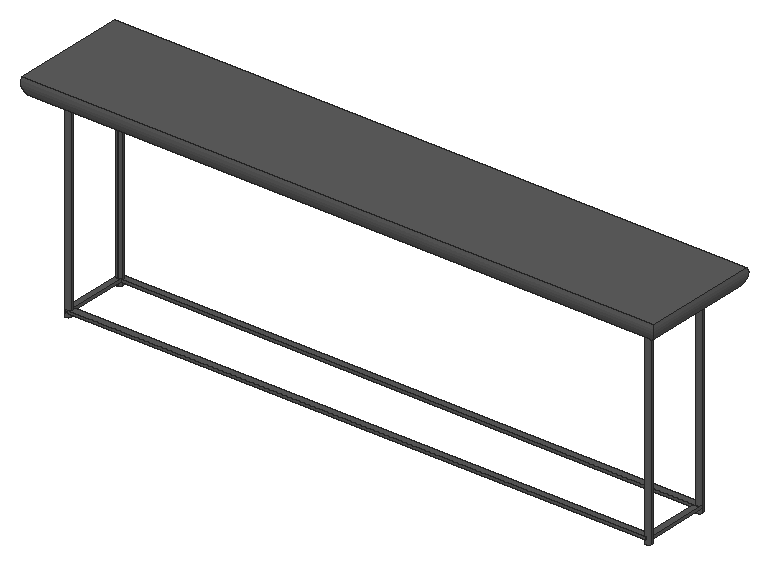
Revit family "Haworth_Torei_Table_Rectangle", category Furniture, Revit 2018
Family settings
  OmniClass Number = 23.40.20.00
  OmniClass Title = General Furniture and Specialties
  Work Plane-Based = No
  Always vertical = Yes
  Cut with Voids When Loaded = No
  Shared = No
  Room Calculation Point = No
Parameters (values of type "HCCS-xxxx-TAW - 9d 47w 16h")
  Warranty = "http://www.haworth.com/resources/product-info/warranties"
  Version = "3"  # constant formula
  URL - Product = "https://www.haworth.com/na/en/products/side-occasional/torei.html"
  URL = "http://www.haworth.com/our-brands/haworth-collection"
  Table Finish [instance] = Haworth _ Wood _ Torei _ Ash Black
  Standard Depth = "8.7 Inches"  # constant formula
  Standard Heights = "12.2, 16.1 Inches"  # constant formula
  Standard Widths = "31.5, 47.2 Inches"  # constant formula
  Model = "HCCS-xxxx-TAW"  # constant formula
  Manufacturer = "Haworth"  # constant formula
  Description = "Haworth Torei Table Rectangle - 9d 47w 16h"
  Base Finish = Haworth _ Paint _ Collection Black
  Author = "SHAPE Environments, LLC"  # constant formula
  Assembly Code = "E2020200"
  Actual Width = if([47.2in Width], 47.2", 31.5")  # 47.2"
  Actual Height = if([16.1in Height], 16.1", 12.2")  # 16.1"
  Actual Depth = 8.69922"  # constant formula
  31.5in Width = no
  47.2in Width = not([31.5in Width])  # yes
  16.1in Height = not([12.2in Height])  # yes
  12.2in Height = no
Types (5): name | Description | Actual Width | Actual Height | 31.5in Width | 47.2in Width | 16.1in Height | 12.2in Height
  (no name) | "Haworth Torei Table Rectangle - 9d 47w 16h" | 47.2" | 16.1" | no | yes | yes | no
  HCCS-xxxx-TAW - 9d 32w 12h | "Haworth Torei Table Rectangle - 9d 32w 12h" | 31.5" | 12.2" | yes | no | no | yes
  HCCS-xxxx-TAW - 9d 32w 16h | "Haworth Torei Table Rectangle - 9d 16h 32w" | 31.5" | 16.1" | yes | no | yes | no
  HCCS-xxxx-TAW - 9d 47w 12h | "Haworth Torei Table Rectangle - 9d 47w 12h" | 47.2" | 12.2" | no | yes | no | yes
  HCCS-xxxx-TAW - 9d 47w 16h | "Haworth Torei Table Rectangle - 9d 47w 16h" | 47.2" | 16.1" | no | yes | yes | no
Reference planes (in)
  plane 1 "Center Front/Back": y = 0
  plane 2: z = 0
  plane 3 "Center Left/Right": x = 0
  plane 4: y = 4.34961
  plane 5: x = 23.6
  plane 6: y = -4.34961
  plane 7: x = -23.6
  plane 8 "Top of Table": z = 16.1
  plane 9 "Center of Leg4": x = 21.632
  plane 10 "Center of Leg2": x = -21.632
  plane 11 "Center of Leg3": y = -2.38191
  plane 12 "Center of Leg": y = 2.38191
  plane 13 "bottom of horiz. leg": z = 0.3937
  plane 14 "Bottom of Table": z = 14.5252
  plane 15: z = 0.4937
  plane 16: z = 0.2937
  plane 17: y = -2.62191
  plane 18: y = -2.14191
  plane 19: y = 2.62191
  plane 20: y = 2.14191
  plane 21: x = -21.872
  plane 22: x = -21.392
  plane 23: x = 21.872
  plane 24: x = 21.392
Forms (in)
  Extrusion 1, solid, material "Haworth _ Paint _ Collection Black" <- "Base Finish"
    sketch origin (0, 0, 0) x (1, 0, 0) y (0, 1, 0)
      loop
        circle (-21.632, 2.38191) r 0.2362
    from 0 to 14.5252
  Extrusion 2, solid, material "Haworth _ Paint _ Collection Black" <- "Base Finish"
    sketch origin (0.0183, 0, 0) x (1, 0, 0) y (0, 0, 1)
      loop
        line (-21.4103, 0.2937) -> (-21.4103, 0.4937) -> (-21.8903, 0.4937) -> (-21.8903, 0.2937) -> (-21.4103, 0.2937)
    from -2.38191 to 2.38191
  Extrusion 3, solid, material "Haworth _ Paint _ Collection Black" <- "Base Finish"
    sketch origin (0, 0, 0) x (1, 0, 0) y (0, 0, 1)
      loop
        line (21.872, 0.2937) -> (21.872, 0.4937) -> (21.392, 0.4937) -> (21.392, 0.2937) -> (21.872, 0.2937)
    from -2.38191 to 2.38191
  Extrusion 4, solid, material "Haworth _ Paint _ Collection Black" <- "Base Finish"
    sketch origin (0, 0, 0) x (0, 1, 0) y (0, 0, 1)
      loop
        line (2.62191, 0.2937) -> (2.62191, 0.4937) -> (2.14191, 0.4937) -> (2.14191, 0.2937) -> (2.62191, 0.2937)
    from -21.632 to 21.632
  Extrusion 5, solid, material "Haworth _ Paint _ Collection Black" <- "Base Finish"
    sketch origin (0, 0, 0) x (0, 1, 0) y (0, 0, 1)
      loop
        line (-2.14191, 0.2937) -> (-2.14191, 0.4937) -> (-2.62191, 0.4937) -> (-2.62191, 0.2937) -> (-2.14191, 0.2937)
    from -21.632 to 21.632
  Extrusion 6, solid, material "Haworth _ Wood _ Torei _ Ash Black" <- "Table Finish"
    sketch origin (0, 0, 0) x (1, 0, 0) y (0, 1, 0)
      loop
        line (-21.632, 2.38191) -> (-21.632, -2.38191) -> (21.632, -2.38191) -> (21.632, 2.38191) -> (-21.632, 2.38191)
    from 14.5252 to 16.1
  Sweep 7, solid, material "Haworth _ Wood _ Torei _ Ash Black" <- "Table Finish"
    path origin (0, 0, 16.1) x (-1, 0, 0) y (0, -1, 0)
      loop
        line (21.632, -2.38191) -> (21.632, 2.38191) -> (-21.632, 2.38191) -> (-21.632, -2.38191) -> (21.632, -2.38191)
    profile origin (0, 2.38191, 16.1) x (0, 1, 0) y (0, 0, 1)
      loop
        line (0, 0) -> (0, -1.5748) -> (0.7794, -1.5748)
        arc (0.7794, -1.5748) -> (1.7659, -1.08342) -> (1.968, 0) r 1.23596
        line (1.968, 0) -> (0, 0)
  Extrusion 8, solid, material "Haworth _ Paint _ Collection Black" <- "Base Finish"
    sketch origin (0, 0, 0) x (1, 0, 0) y (0, 1, 0)
      loop
        circle (-21.632, 2.38191) r 0.24
    from 0 to 14.5252
  Extrusion 9, solid, material "Haworth _ Paint _ Collection Black" <- "Base Finish"
    sketch origin (0, 0, 0) x (1, 0, 0) y (0, 1, 0)
      loop
        circle (-21.632, -2.38191) r 0.24
    from 0 to 14.5252
  Extrusion 10, solid, material "Haworth _ Paint _ Collection Black" <- "Base Finish"
    sketch origin (0, 0, 0) x (1, 0, 0) y (0, 1, 0)
      loop
        circle (21.632, -2.38191) r 0.24
    from 0 to 14.5252
  Extrusion 11, solid, material "Haworth _ Paint _ Collection Black" <- "Base Finish"
    sketch origin (0, 0, 0) x (1, 0, 0) y (0, 1, 0)
      loop
        circle (21.632, 2.38191) r 0.24
    from 0 to 14.5252
Cuts and joins
  joined: Extrusion 1, Extrusion 9
  joined: Extrusion 6, Sweep 7
Lines and regions (in)
  Masking region 1
    outline origin (0, 0, 16.1) x (-1, 0, 0) y (0, -1, 0)
      loop
        line (23.6, -4.34961) -> (23.6, 4.34961) -> (-23.6, 4.34961) -> (-23.6, -4.34961) -> (23.6, -4.34961)
Dimensions and locks (in)
  "Actual Width": plane 7 to plane 5
  "Actual Depth": plane 4 to plane 6
  equal spacing: plane 7, plane 3 "Center Left/Right", plane 5
  equal spacing: plane 4, plane 1 "Center Front/Back", plane 6
  locked: plane 7 to plane 10 "Center of Leg2" at 1.968
  locked: plane 9 "Center of Leg4" to plane 5 at 1.968
  locked: plane 4 to plane 12 "Center of Leg" at 1.9677
  locked: plane 11 "Center of Leg3" to plane 6 at 1.9677
  plane 13 "bottom of horiz. leg" to level = 0.3937"
  locked: plane 8 "Top of Table" to plane 14 "Bottom of Table" at 1.5748
  locked: plane 13 "bottom of horiz. leg" to plane 2 at 0.3937
  "Actual Height": plane 8 "Top of Table" to level
  locked: plane 15 to plane 13 "bottom of horiz. leg" at 0.1
  locked: plane 13 "bottom of horiz. leg" to plane 16 at 0.1
  locked: plane 17 to plane 11 "Center of Leg3" at 0.24
  locked: plane 11 "Center of Leg3" to plane 18 at 0.24
  locked: plane 20 to plane 12 "Center of Leg" at 0.24
  locked: plane 12 "Center of Leg" to plane 19 at 0.24
  locked: plane 10 "Center of Leg2" to plane 21 at 0.24
  locked: plane 22 to plane 10 "Center of Leg2" at 0.24
  locked: plane 9 "Center of Leg4" to plane 24 at 0.24
  locked: plane 23 to plane 9 "Center of Leg4" at 0.24
  aligned and locked: level to plane 2
  aligned and locked: plane 8 "Top of Table" to Extrusion 6
  aligned and locked: Extrusion 6 to plane 14 "Bottom of Table"
  aligned and locked: Extrusion 6 to plane 11 "Center of Leg3"
  aligned and locked: plane 12 "Center of Leg" to Extrusion 6
  aligned and locked: plane 8 "Top of Table" to Sweep 7 sketch curve
  aligned and locked: plane 14 "Bottom of Table" to Sweep 7 sketch curve
  aligned and locked: plane 14 "Bottom of Table" to cut or joined group of Extrusion 1, Extrusion 9
  aligned and locked: Masking region 1 sketch curve to plane 6
  aligned and locked: Masking region 1 sketch curve to plane 5
  aligned and locked: Masking region 1 sketch curve to plane 4
  aligned and locked: Masking region 1 sketch curve to plane 7
  aligned and locked: Extrusion 3 to plane 12 "Center of Leg"
  aligned and locked: plane 11 "Center of Leg3" to Extrusion 3
  aligned and locked: plane 9 "Center of Leg4" to Extrusion 5
  aligned and locked: Extrusion 5 to plane 10 "Center of Leg2"
  aligned and locked: Extrusion 2 to plane 11 "Center of Leg3"
  aligned and locked: plane 9 "Center of Leg4" to Extrusion 4
  aligned and locked: Extrusion 4 to plane 10 "Center of Leg2"
  aligned and locked: plane 12 "Center of Leg" to Extrusion 2
  aligned and locked: cut or joined group of Extrusion 1, Extrusion 9 to level
  aligned and locked: plane 16 to Extrusion 5
  aligned and locked: plane 16 to Extrusion 4
  aligned and locked: plane 15 to Extrusion 4
  aligned and locked: plane 15 to Extrusion 5
  aligned and locked: plane 16 to Extrusion 3
  aligned and locked: plane 15 to Extrusion 3
  aligned and locked: Extrusion 5 to plane 17
  aligned and locked: Extrusion 5 to plane 18
  aligned and locked: Extrusion 4 to plane 19
  aligned and locked: Extrusion 4 to plane 20
  aligned and locked: Extrusion 3 to plane 23
  aligned and locked: Extrusion 3 to plane 24
  aligned and locked: plane 21 to Extrusion 8 sketch curve
  aligned and locked: plane 12 "Center of Leg" to Extrusion 8 sketch curve  (x2)
  aligned and locked: plane 22 to Extrusion 8 sketch curve
  aligned and locked: plane 14 "Bottom of Table" to Extrusion 8
  aligned and locked: Extrusion 8 to level
  aligned and locked: plane 21 to Extrusion 9 sketch curve
  aligned and locked: plane 11 "Center of Leg3" to Extrusion 9 sketch curve  (x2)
  aligned and locked: plane 22 to Extrusion 9 sketch curve
  aligned and locked: plane 14 "Bottom of Table" to Extrusion 9
  aligned and locked: Extrusion 9 to level
  aligned and locked: plane 23 to Extrusion 10 sketch curve
  aligned and locked: Extrusion 10 sketch curve to plane 11 "Center of Leg3"  (x2)
  aligned and locked: plane 24 to Extrusion 10 sketch curve
  aligned and locked: Extrusion 10 to level
  aligned and locked: plane 14 "Bottom of Table" to Extrusion 10
  aligned and locked: plane 23 to Extrusion 11 sketch curve
  aligned and locked: Extrusion 11 sketch curve to plane 12 "Center of Leg"  (x2)
  aligned and locked: plane 24 to Extrusion 11 sketch curve
  aligned and locked: Extrusion 11 to level
  aligned and locked: plane 14 "Bottom of Table" to Extrusion 11
Automatic sketch dimensions
  Extrusion 1 sketch curve to plane 10 "Center of Leg2" = 0.0"
  Extrusion 1 sketch curve to plane 12 "Center of Leg" = 0.0"
  Extrusion 2 sketch curve to plane 16 = 0.0"
  Extrusion 2 sketch curve to plane 21 = 0.0"
  plane 15 to Extrusion 2 sketch curve = 0.0"
  plane 22 to Extrusion 2 sketch curve = 0.0"
  plane 16 to Extrusion 3 sketch curve = 0.0"
  Extrusion 3 sketch curve to plane 24 = 0.0"
  Extrusion 3 sketch curve to plane 23 = 0.0"
  Extrusion 3 sketch curve to plane 15 = 0.0"
  plane 16 to Extrusion 4 sketch curve = 0.0"
  Extrusion 4 sketch curve to plane 20 = 0.0"
  Extrusion 4 sketch curve to plane 19 = 0.0"
  plane 15 to Extrusion 4 sketch curve = 0.0"
  plane 16 to Extrusion 5 sketch curve = 0.0"
  Extrusion 5 sketch curve to plane 17 = 0.0"
  Extrusion 5 sketch curve to plane 18 = 0.0"
  plane 15 to Extrusion 5 sketch curve = 0.0"
  Extrusion 6 sketch curve to plane 10 "Center of Leg2" = 0.0"
  Extrusion 6 sketch curve to plane 9 "Center of Leg4" = 0.0"
  Extrusion 6 sketch curve to plane 11 "Center of Leg3" = 0.0"
  Extrusion 6 sketch curve to plane 12 "Center of Leg" = 0.0"
  Sweep 7 sketch curve to plane 9 "Center of Leg4" = 0.0"
  Sweep 7 sketch curve to plane 10 "Center of Leg2" = 0.0"
  Sweep 7 sketch curve to plane 12 "Center of Leg" = 0.0"
  Sweep 7 sketch curve to plane 11 "Center of Leg3" = 0.0"
  Sweep 7 sketch curve to profile plane = 0.0"
  Sweep 7 sketch curve to Sweep 7 sketch curve = 0.7794"
  Sweep 7 sketch curve to Sweep 7 sketch curve = 1.1886"
  radius of Extrusion 1 sketch curve = 0.2362"
